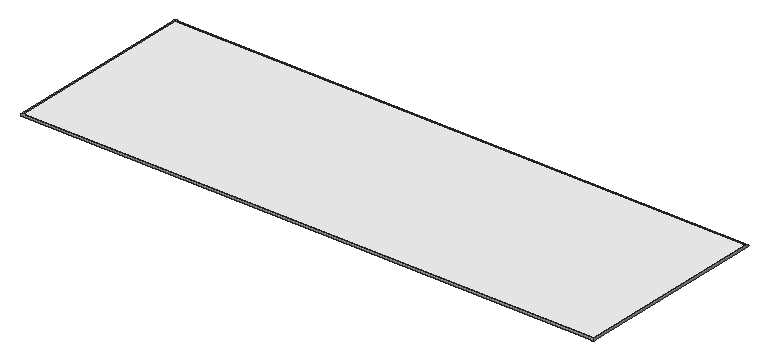
Revit family "yoga mat", category Furniture, Revit 2022
Family settings
  OmniClass Number = 23.40.20.00
  OmniClass Title = General Furniture and Specialties
  Work Plane-Based = No
  Always vertical = Yes
  Cut with Voids When Loaded = No
  Render Appearance Source = Family Geometry
  Shared = No
  Room Calculation Point = No
Parameters (values of type "Classic yoga mat")
  Overlay Finish = Mat
  Default Elevation = 0' - 0"
  Actual Width [instance] = 2' - 0"
  Actual Length [instance] = 6' - 0"
Types (4): name | Actual Width | Actual Length
  (no name) | 2' - 0" | 6' - 0"
  Standard yoga mat | 2' - 0" | 5' - 8"
  Classic yoga mat | 2' - 0" | 6' - 0"
  Ultra yoga mat | 2' - 2" | 6' - 6"
Reference planes (in)
  plane 1: z = 0
  plane 2 "Left": x = -25.65353
  plane 3 "Right": x = 46.34647
  plane 4 "Back": y = 7.70128
  plane 5 "Front": y = -16.29872
  plane 6 "Center FB": y = -4.29872
  plane 7 "Center LR": x = 10.34647
Forms (in)
  Extrusion 1, solid, material "Mat" <- "Overlay Finish"
    sketch origin (-13.8801, -4.07216, 0) x (1, 0, 0) y (0, 1, 0)
      loop
        line (-11.77344, 11.77344) -> (-11.77344, -12.22656) -> (60.22656, -12.22656) -> (60.22656, 11.77344) -> (-11.77344, 11.77344)
    from 0 to 0.25
  Sweep 2, solid, material "Default"
    path in 3D
      loop
        line (-25.65353, 7.70128, 0.25) -> (-25.65353, -16.29872, 0.25) -> (46.34647, -16.29872, 0.25) -> (46.34647, 7.70128, 0.25) -> (-25.65353, 7.70128, 0.25)
    profile origin (10.34647, 7.70128, 0.25) x (0, -1, 0) y (0, 0, 1)
      loop
        arc (0, 0) -> (-0.17375, -0.125) -> (0, -0.25) r 0.13184
        line (0, -0.25) -> (0, 0)
Lines and regions (in)
  Masking region 1
    outline origin (-13.8801, -4.07216, 0) x (1, 0, 0) y (0, 1, 0)
      loop
        line (-11.77344, 11.77344) -> (-11.77344, -12.22656) -> (60.22656, -12.22656) -> (60.22656, 11.77344) -> (-11.77344, 11.77344)
  sketch lines
    curve 1: line (46.34647, 7.70128, 0.25) -> (-25.65353, 7.70128, 0.25)
    curve 2: line (46.34647, -16.29872, 0.25) -> (46.34647, 7.70128, 0.25)
    curve 3: line (-25.65353, -16.29872, 0.25) -> (46.34647, -16.29872, 0.25)
    curve 4: line (-25.65353, 7.70128, 0.25) -> (-25.65353, -16.29872, 0.25)
Dimensions and locks (in)
  equal spacing: plane 4 "Back", plane 6 "Center FB", plane 5 "Front"
  "Actual Width": plane 4 "Back" to plane 5 "Front"
  equal spacing: plane 2 "Left", plane 7 "Center LR", plane 3 "Right"
  "Actual Length": plane 2 "Left" to plane 3 "Right"
  aligned and locked: level to plane 1
  aligned and locked: plane 2 "Left" to Extrusion 1 sketch curve
  aligned and locked: Extrusion 1 sketch curve to plane 5 "Front"
  aligned and locked: Extrusion 1 sketch curve to plane 4 "Back"
  aligned and locked: plane 3 "Right" to Extrusion 1 sketch curve
  aligned and locked: plane 2 "Left" to Masking region 1 sketch curve
  aligned and locked: Masking region 1 sketch curve to plane 5 "Front"
  aligned and locked: plane 3 "Right" to Masking region 1 sketch curve
  aligned and locked: Masking region 1 sketch curve to plane 4 "Back"
